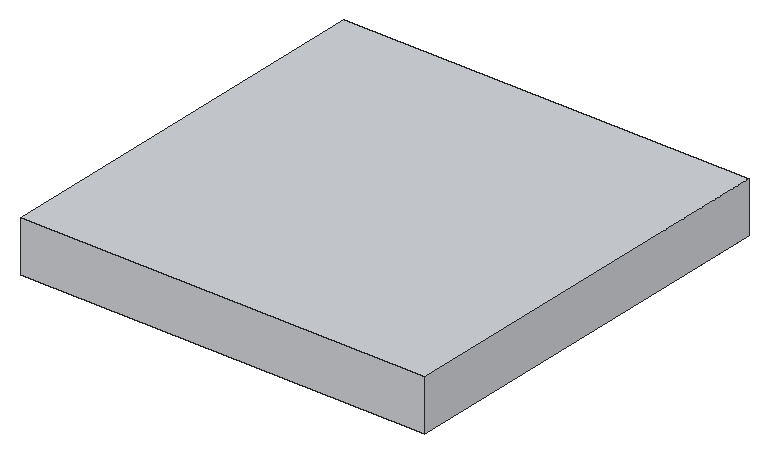
Revit family "CT-Panel", category Generic Models, host Ceiling, Revit 2011
Parameters (values of type "2'x2'")
  Width = 22 3/4"
  URL = "http://www.wengercorp.com/Home/Contact.html"
  Type Comments = "Trapezoid"
  Thickness = 2 7/8"
  Point Vertical = 7 1/2"
  Point Horizontal = 16 1/4"
  Part Number = "161F120"
  Manufacturer = "Wenger Corporation"
  Length = 22 3/4"
  Keynote = "Wenger Ceiling Diffuser Panel"
  Description = "Acoustic Panel"
  2nd Thickness = 2 7/8"
Types (3): name | Width | Point Vertical | Point Horizontal | Length
  (no name) | 22 3/4" | 7 1/2" | 16 1/4" | 22 3/4"
  4'x4' | 46 3/4" | 12" | 35 3/4" | 46 3/4"
  2'x2' | 22 3/4" | 7 1/2" | 16 1/4" | 22 3/4"
Reference planes (in)
  plane 1 "Center (Front/Back)": y = 0
  plane 2 "Ceiling": z = 96
  plane 3 "Center (Left/Right)": x = 0
  plane 4 "Left Side": x = 11.375
  plane 5 "Right Side": x = -11.375
  plane 6 "Back": y = -11.375
  plane 7 "Front": y = 11.375
  plane 8 "Middle Thickness": z = 93.125
  plane 9 "Bottom Thickness": z = 90.25
  plane 10: y = 3.875
  plane 11: y = -3.875
  plane 12: x = 4.875
Forms (in)
  Extrusion 1, solid
    sketch origin (0, 0, 96) x (1, 0, 0) y (0, 1, 0)
      loop
        line (-11.375, 11.375) -> (-11.375, -11.375) -> (11.375, -11.375) -> (11.375, 11.375) -> (-11.375, 11.375)
    from 0 to -2.875
  Blend 2, solid
    base sketch origin (0, 0, 93.125) x (-1, 0, 0) y (0, -1, 0)
      loop
        line (11.375, -11.375) -> (11.375, 11.375) -> (-11.375, 11.375) -> (-11.375, -11.375) -> (11.375, -11.375)
    top sketch origin (0, 0, 93.125) x (-1, 0, 0) y (0, -1, 0)
      loop
        line (-4.875, -3.875) -> (-4.81158, -3.875) -> (-4.81158, 3.875) -> (-4.875, 3.875) -> (-4.875, -3.875)
    from 0 to -2.875
Dimensions and locks (in)
  equal spacing: host sketch curve, plane 3 "Center (Left/Right)", host sketch curve
  equal spacing: host sketch curve, plane 1 "Center (Front/Back)", host sketch curve
  host sketch curve to host sketch curve = 120"  (x2)
  equal spacing: plane 5 "Right Side", plane 3 "Center (Left/Right)", plane 4 "Left Side"
  "Width": plane 5 "Right Side" to plane 4 "Left Side"
  equal spacing: plane 7 "Front", plane 1 "Center (Front/Back)", plane 6 "Back"
  "Length": plane 7 "Front" to plane 6 "Back"
  "Thickness": plane 2 "Ceiling" to plane 8 "Middle Thickness"
  "2nd Thickness": plane 8 "Middle Thickness" to plane 9 "Bottom Thickness"
  "Point Vertical": plane 11 to plane 6 "Back"
  "Point Vertical": plane 7 "Front" to plane 10
  "Point Horizontal": plane 5 "Right Side" to plane 12
  aligned and locked: Extrusion 1 sketch curve to plane 7 "Front"
  aligned and locked: Extrusion 1 sketch curve to plane 4 "Left Side"
  aligned and locked: plane 6 "Back" to Extrusion 1 sketch curve
  aligned and locked: plane 5 "Right Side" to Extrusion 1 sketch curve
  aligned and locked: Blend 2 sketch curve to plane 7 "Front"
  aligned and locked: Blend 2 sketch curve to plane 4 "Left Side"
  aligned and locked: plane 6 "Back" to Blend 2 sketch curve
  aligned and locked: plane 5 "Right Side" to Blend 2 sketch curve
  aligned and locked: plane 12 to Blend 2 sketch curve
  aligned and locked: Blend 2 sketch curve to plane 11
  aligned and locked: plane 10 to Blend 2 sketch curve
  aligned and locked: Blend 2 to plane 9 "Bottom Thickness"
Automatic sketch dimensions
  Blend 2 sketch curve to plane 12 = 0.06342"
